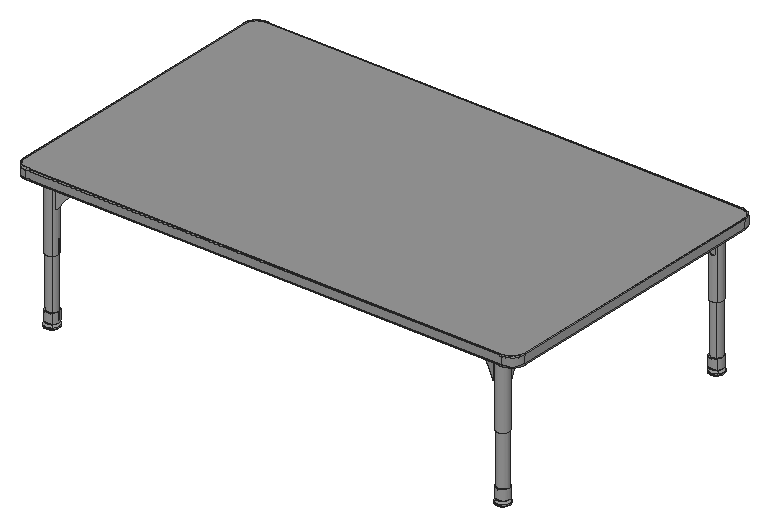
Revit family "Hierarchy Activity 60x36 Rectangle Table - Youth Height", category Furniture, Revit 2018
Family settings
  Work Plane-Based = No
  Always vertical = Yes
  Cut with Voids When Loaded = No
  Shared = No
  Room Calculation Point = No
Parameters
  Table Height = 1' - 4"
  Surface = Hierarchy Activity 60x36 Rectangle Table Youth Surface
  Leg Finish = Hierarchy Leg Platinum
  Edgeband = Hierarchy Activity 60x36 Rectangle Table Youth Edgeband
  Caster/Glide = Hierarchy Youth Leg - Glide : Hierarchy Youth Leg - Glide
Reference planes (in)
  plane 1 "Center (Front/Back)": y = 0
  plane 2: z = 0
  plane 3 "Center (Left/Right)": x = 0
  plane 4: z = 16
Dimensions and locks (in)
  "Table Height": plane 4 to level
  aligned and locked: plane 2 to level
  aligned and locked: nested 1 to plane 4
Nested families (in)
  nested 1: "Activity 60x36 Tabletop" at (0, 0, -7.925), type "Activity 60x36 Tabletop"
  nested 2: "Hierarchy Youth Leg - Glide" at (-27, 16, 0) x (0.7071, 0.7071, 0) z (0, 0, 1), type <- "Caster/Glide", Leg Finish <- "Leg Finish", Leg Height <- "Table Height", type "Hierarchy Youth Leg - Glide"
    with Leg Height 1' - 4", Leg Finish Hierarchy Leg Platinum
  nested 3: "Hierarchy Youth Leg - Glide" at (-27, -16, 0) x (0.7071, -0.7071, 0) z (0, 0, 1), type <- "Caster/Glide", Leg Finish <- "Leg Finish", Leg Height <- "Table Height", type "Hierarchy Youth Leg - Glide"
    with Leg Height 1' - 4", Leg Finish Hierarchy Leg Platinum
  nested 4: "Hierarchy Youth Leg - Glide" at (27, 16, 0) x (-0.7071, 0.7071, 0) z (0, 0, 1), Leg Finish <- "Leg Finish", Leg Height <- "Table Height", type "Hierarchy Youth Leg - Glide"
    with Leg Height 1' - 4", Leg Finish Hierarchy Leg Platinum
  nested 5: "Hierarchy Youth Leg - Glide" at (27, -16, 0) x (-0.7071, -0.7071, 0) z (0, 0, 1), Leg Finish <- "Leg Finish", Leg Height <- "Table Height", type "Hierarchy Youth Leg - Glide"
    with Leg Height 1' - 4", Leg Finish Hierarchy Leg Platinum
Definition of nested family "Activity 60x36 Tabletop"
  Parameters (values of type "Activity 60x36 Tabletop")
    Surface = none
    Edgeband = none
  Reference planes (in)
    plane 1 "Center (Front/Back)": y = 0
    plane 2: z = 0
    plane 3 "Center (Left/Right)": x = 0
  Forms (in)
    Extrusion 1, solid, material <- "Surface"
      sketch origin (0, 0, 0) x (1, 0, 0) y (0, 1, 0)
        loop
          line (28.5, 17.88189) -> (-28.5, 17.88189)
          arc (-28.5, 17.88189) -> (-29.47714, 17.47714) -> (-29.88189, 16.5) r 1.38189
          line (-29.88189, 16.5) -> (-29.88189, -16.5)
          arc (-29.88189, -16.5) -> (-29.47714, -17.47714) -> (-28.5, -17.88189) r 1.38189
          line (-28.5, -17.88189) -> (28.5, -17.88189)
          arc (28.5, -17.88189) -> (29.47714, -17.47714) -> (29.88189, -16.5) r 1.38189
          line (29.88189, -16.5) -> (29.88189, 16.5)
          arc (29.88189, 16.5) -> (29.47714, 17.47714) -> (28.5, 17.88189) r 1.38189
      from 23.925 to 25.125
    Sweep 2, solid, material <- "Edgeband"
      path origin (0, 0, 0) x (1, 0, 0) y (0, 1, 0)
        loop
          line (28.5, 17.88189) -> (-28.5, 17.88189)
          arc (-28.5, 17.88189) -> (-29.47714, 17.47714) -> (-29.88189, 16.5) r 1.38189
          line (-29.88189, 16.5) -> (-29.88189, -16.5)
          arc (-29.88189, -16.5) -> (-29.47714, -17.47714) -> (-28.5, -17.88189) r 1.38189
          line (-28.5, -17.88189) -> (28.5, -17.88189)
          arc (28.5, -17.88189) -> (29.47714, -17.47714) -> (29.88189, -16.5) r 1.38189
          line (29.88189, -16.5) -> (29.88189, 16.5)
          arc (29.88189, 16.5) -> (29.47714, 17.47714) -> (28.5, 17.88189) r 1.38189
      profile origin (0, 17.88189, 0) x (0, -1, 0) y (0, 0, 1)
        loop
          arc (0, 25.125) -> (-0.08352, 25.09041) -> (-0.11811, 25.00689) r 0.11811
          line (-0.11811, 25.00689) -> (-0.11811, 24.04311)
          arc (-0.11811, 24.04311) -> (-0.08352, 23.95959) -> (0, 23.925) r 0.11811
          line (0, 23.925) -> (0, 25.125)
  Dimensions and locks (in)
    aligned and locked: plane 2 to level
Definition of nested family "Hierarchy Youth Leg - Glide"
  Parameters (values of type "Hierarchy Youth Leg - Glide")
    Leg Finish [instance] = none
    Leg Height [instance] = 1' - 4.80117"
  Reference planes (in)
    plane 1 "Center (Front/Back)": y = 0
    plane 2: z = 0
    plane 3 "Center (Left/Right)": x = 0
  Forms (in)
    Extrusion 1, solid
      sketch origin (-0.01562, 0, 0) x (1, 0, 0) y (0, 1, 0)
        loop
          circle (0.01563, 0) r 0.67016
      from 0.67618 to 10.55018
    Revolve 2, solid
      sketch origin (0, 0, 0) x (1, 0, 0) y (0, 0, 1)
        loop
          line (-0.73189, 1.80118) -> (-0.79439, 1.73867) -> (-0.79439, 0.61381) -> (-0.73176, 0.55118) -> (-0.125, 0.55118) -> (-0.125, 0.42618) -> (-0.84656, 0.16241) -> (-0.84656, 0.08994) -> (-0.81359, 0) -> (0, 0) -> (0, 1.80118) -> (-0.73189, 1.80118)
        axis (0, 1.80118) -> (0, 0)
      angle from 0 to 360
  Dimensions and locks (in)
    "Leg Height": nested 1 to level  (x2)
    aligned and locked: plane 2 to level
  Automatic sketch dimensions
    plane 1 "Center (Front/Back)" to Extrusion 1 sketch curve = 0' - 0"
    Extrusion 1 sketch curve to plane 3 "Center (Left/Right)" = 0' - 0"
    Revolve 2 sketch curve to level = 0' - 0"
    Revolve 2 sketch curve to plane 3 "Center (Left/Right)" = 0' - 0"  (x2)
    Revolve 2 sketch curve to plane 3 "Center (Left/Right)" = 0' - 0 1/8"
    Revolve 2 sketch curve to Revolve 2 sketch curve = 0' - 0.60676"
    Revolve 2 sketch curve to Revolve 2 sketch curve = 0' - 0.73189"
    Revolve 2 sketch curve to Revolve 2 sketch curve = 0' - 0.06263"  (x2)
    Revolve 2 sketch curve to Revolve 2 sketch curve = 0' - 0.08183"
    Revolve 2 sketch curve to Revolve 2 sketch curve = 0' - 0.03297"
    level to Revolve 2 sketch curve = 0' - 0.08994"
    Revolve 2 sketch curve to Revolve 2 sketch curve = 0' - 0.07247"
    level to Revolve 2 sketch curve = 0' - 0.42618"
    Revolve 2 sketch curve to Revolve 2 sketch curve = 0' - 0 1/8"
    Revolve 2 sketch curve to Revolve 2 sketch curve = 0' - 1.12486"
    Revolve 2 sketch curve to Revolve 2 sketch curve = 0' - 0 1/16"
    Revolve 2 sketch curve to level = 2' - 0"
    Revolve 2 sketch curve to Revolve 2 sketch curve = 8' - 4.91764"
    radius of Extrusion 1 sketch curve = 0' - 0.67016"
  Nested families (in)
    nested 1: "Hierarchy Youth Upper Leg 2023" at (0, 0, 0), Leg Finish <- "Leg Finish", type "Hierarchy Youth Upper Leg 2023"
      with Leg Finish none
  Definition of nested family "Hierarchy Youth Upper Leg 2023"
    Parameters (values of type "Hierarchy Youth Upper Leg 2023")
      Leg Finish [instance] = none
    Reference planes (in)
      plane 1 "Center (Front/Back)": y = 0
      plane 2: z = 0
      plane 3 "Center (Left/Right)": x = 0
    Forms (in)
      Extrusion 1, solid, material <- "Leg Finish"
        sketch origin (0, 0, -11.001) x (1, 0, 0) y (0, 1, 0)
          loop
            circle (0, 0) r 0.75
        from 19.67618 to 27.67618
      Extrusion 2, solid, material <- "Leg Finish"
        sketch origin (0, 0, -11.001) x (1, 0, 0) y (0, 1, 0)
          loop
            line (-1.70174, 0.19183) -> (-2.88626, -2.26116)
            arc (-2.88626, -2.26116) -> (-2.83993, -3.09822) -> (-2.1063, -3.50394) r 0.86614
            line (-2.1063, -3.50394) -> (2.1063, -3.50394)
            arc (2.1063, -3.50394) -> (2.83993, -3.09822) -> (2.88626, -2.26116) r 0.86614
            line (2.88626, -2.26116) -> (1.70174, 0.19183)
            arc (1.70174, 0.19183) -> (0, 1.25984) -> (-1.70174, 0.19183) r 1.88976
        from 27.67618 to 27.80217
      Extrusion 3, solid, material <- "Leg Finish"
        sketch origin (-1.48519, 8.66524, -11.001) x (-0.434844, 0.900506, 0) y (0, 0, 1)
          loop
            line (-9.01425, 27.67618) -> (-11.80952, 27.67618)
            arc (-11.80952, 27.67618) -> (-11.92325, 27.58993) -> (-11.87088, 27.45715) r 0.11811
            arc (-11.87088, 27.45715) -> (-10.39364, 26.29679) -> (-9.23328, 24.81955) r 7.87402
            arc (-9.23328, 24.81955) -> (-9.1005, 24.76717) -> (-9.01425, 24.88091) r 0.11811
            line (-9.01425, 24.88091) -> (-9.01425, 27.67618)
        from -1.94075 to -1.81476
      Extrusion 4, solid, material <- "Leg Finish"
        sketch origin (1.48519, 8.66524, -11.001) x (0.434844, 0.900506, 0) y (0, 0, -1)
          loop
            line (-9.01425, -27.67618) -> (-9.01425, -24.88091)
            arc (-9.01425, -24.88091) -> (-9.1005, -24.76717) -> (-9.23328, -24.81955) r 0.11811
            arc (-9.23328, -24.81955) -> (-10.39364, -26.29679) -> (-11.87088, -27.45715) r 7.87402
            arc (-11.87088, -27.45715) -> (-11.92325, -27.58993) -> (-11.80952, -27.67618) r 0.11811
            line (-11.80952, -27.67618) -> (-9.01425, -27.67618)
        from -1.94075 to -1.81476
    Dimensions and locks (in)
      aligned and locked: plane 2 to level
